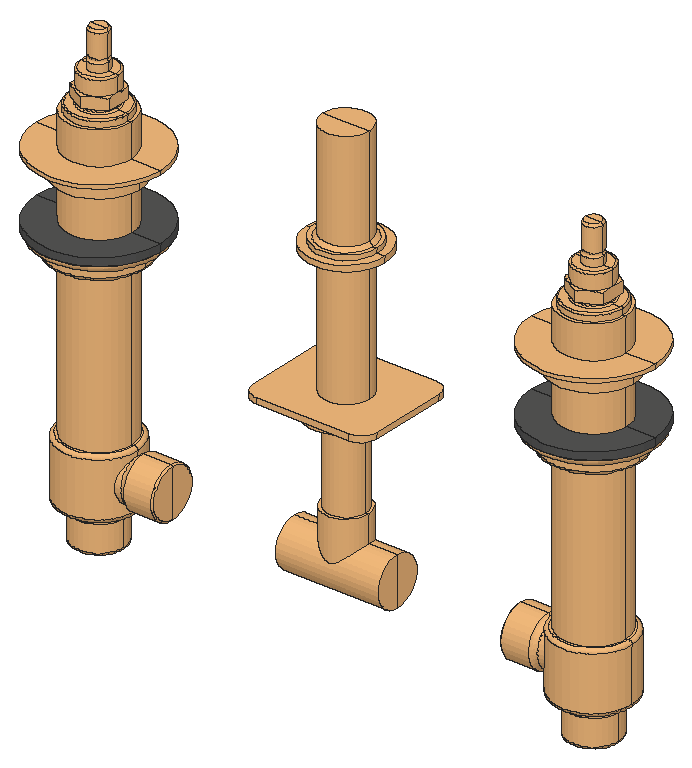
Revit family "Bath-Valves_and_Controls-KOHLER-K-300", category Plumbing Fixtures, host Face, Revit 2015 (continued)
Definition of nested family "K-300"
  Automatic sketch dimensions
    plane 7 to Revolve 12 sketch curve = 0.60085"
    Revolve 12 sketch curve to Revolve 12 sketch curve = 0.14915"
    Revolve 6 sketch curve to plane 3 "Center (Left/Right)" = 0"  (x2)
    plane 3 "Center (Left/Right)" to Revolve 6 sketch curve = 3/8"
    plane 3 "Center (Left/Right)" to Revolve 6 sketch curve = 0.43445"
    plane 8 to Revolve 6 sketch curve = 0"
    Revolve 6 sketch curve to Revolve 6 sketch curve = 0.05945"
    Revolve 6 sketch curve to Revolve 6 sketch curve = 0.17966"
    Revolve 6 sketch curve to Revolve 6 sketch curve = 0.19555"
    plane 9 to Revolve 6 sketch curve = 0.817"
    Revolve 6 sketch curve to Revolve 6 sketch curve = 0.2388"
    level to Revolve 6 sketch curve = 0.96037"
    plane 8 to Revolve 6 sketch curve = 0.22559"
    plane 7 to Revolve 6 sketch curve = 0"
    Revolve 6 sketch curve to plane 7 = 0.68076"
    Revolve 6 sketch curve to plane 7 = 0.18076"
    plane 1 "Center (Front/Back)" to Masking region 1 sketch curve = 0"  (x3)
    Masking region 1 sketch curve to plane 5 = 0"
    Masking region 1 sketch curve to plane 3 "Center (Left/Right)" = 0"
    Masking region 1 sketch curve to plane 4 = 0"
    curve 1 to curve 8 = 0"  (x2)
    curve 1 to curve 9 = 0"  (x2)
    curve 1 to curve 11 = 0"  (x2)
    curve 1 to curve 12 = 0"  (x2)
    curve 8 to curve 9 = 0"  (x2)
    curve 8 to curve 11 = 0"  (x2)
    curve 8 to curve 12 = 0"  (x2)
    curve 9 to curve 11 = 0"  (x2)
    curve 9 to curve 12 = 0"  (x2)
    curve 10 to curve 24 = 0"  (x2)
    curve 10 to curve 25 = 0"  (x2)
    curve 11 to curve 12 = 0"  (x2)
    curve 13 to curve 20 = 0"  (x2)
    curve 13 to curve 21 = 0"  (x2)
    curve 13 to curve 22 = 0"  (x2)
    curve 13 to curve 23 = 0"  (x2)
    curve 20 to curve 21 = 0"  (x2)
    curve 20 to curve 22 = 0"  (x2)
    curve 20 to curve 23 = 0"  (x2)
    curve 21 to curve 22 = 0"  (x2)
    curve 21 to curve 23 = 0"  (x2)
    curve 22 to curve 23 = 0"  (x2)
    curve 24 to curve 25 = 0"  (x2)
    plane 1 "Center (Front/Back)" to curve 22 = 0"
    curve 22 to plane 5 = 0"
    curve 19 to plane 5 = 0"
    curve 16 to plane 5 = 0"
    plane 1 "Center (Front/Back)" to curve 25 = 0"
    curve 25 to plane 3 "Center (Left/Right)" = 0"
    curve 7 to plane 4 = 0"
    plane 1 "Center (Front/Back)" to curve 8 = 0"
    curve 8 to plane 4 = 0"
    curve 5 to plane 4 = 0"
    plane 5 to curve 18 = 0.3225"
    curve 15 to plane 5 = 0.3225"
    curve 2 to plane 4 = 0.3225"
    plane 4 to curve 6 = 0.3225"
    plane 1 "Center (Front/Back)" to curve 16 = 0.1862"
    plane 1 "Center (Front/Back)" to curve 17 = 0.1862"
    plane 1 "Center (Front/Back)" to curve 6 = 0.1862"
    plane 1 "Center (Front/Back)" to curve 3 = 0.1862"
    plane 1 "Center (Front/Back)" to curve 5 = 0.37239"
    plane 1 "Center (Front/Back)" to curve 17 = 0.37239"
    curve 14 to plane 1 "Center (Front/Back)" = 0.1862"
    curve 2 to plane 1 "Center (Front/Back)" = 0.1862"
    curve 18 to plane 1 "Center (Front/Back)" = 0.1862"
    curve 7 to plane 1 "Center (Front/Back)" = 0.1862"
    curve 14 to curve 14 = 0.1862"
    curve 2 to curve 2 = 0.1862"
    Masking region 2 sketch curve to plane 8 = 0"  (x6)
    Masking region 2 sketch curve to level = 0.0595"  (x2)
    Masking region 2 sketch curve to plane 7 = 0"  (x2)
    plane 5 to Masking region 2 sketch curve = 0"
    Masking region 2 sketch curve to plane 4 = 0"
    plane 5 to Masking region 2 sketch curve = 1/8"
    plane 5 to Masking region 2 sketch curve = 0.14948"
    Masking region 2 sketch curve to Masking region 2 sketch curve = 0.00926"  (x2)
    Masking region 2 sketch curve to Masking region 2 sketch curve = 0.02493"  (x2)
    plane 5 to Masking region 2 sketch curve = 0.26162"
    Masking region 2 sketch curve to Masking region 2 sketch curve = 0.12292"  (x4)
    Masking region 2 sketch curve to Masking region 2 sketch curve = 0.03332"  (x3)
    Masking region 2 sketch curve to Masking region 2 sketch curve = 0.01217"
    Masking region 2 sketch curve to Masking region 2 sketch curve = 0.02154"  (x4)
    Masking region 2 sketch curve to level = 0.03805"  (x3)
    plane 5 to Masking region 2 sketch curve = 0.38309"
    Masking region 2 sketch curve to Masking region 2 sketch curve = 0.10585"  (x2)
    Masking region 2 sketch curve to Masking region 2 sketch curve = 0.03523"  (x4)
    Masking region 2 sketch curve to Masking region 2 sketch curve = 0.02016"  (x4)
    plane 8 to Masking region 2 sketch curve = 0.06"  (x4)
    Masking region 2 sketch curve to Masking region 2 sketch curve = 0.26584"  (x3)
    Masking region 2 sketch curve to Masking region 2 sketch curve = 0"  (x5)
    plane 5 to Masking region 2 sketch curve = 0.52814"
    Masking region 2 sketch curve to Masking region 2 sketch curve = 0.16035"
    Masking region 2 sketch curve to Masking region 2 sketch curve = 0.03795"  (x3)
    Masking region 2 sketch curve to Masking region 2 sketch curve = 0.00397"
    Masking region 2 sketch curve to Masking region 2 sketch curve = 0.0589"  (x3)
    Masking region 2 sketch curve to plane 8 = 0.03915"  (x3)
    Masking region 2 sketch curve to Masking region 2 sketch curve = 0.12888"  (x4)
    Masking region 2 sketch curve to Masking region 2 sketch curve = 0.20024"  (x4)
    Masking region 2 sketch curve to Masking region 2 sketch curve = 0.02615"  (x4)
    Masking region 2 sketch curve to Masking region 2 sketch curve = 0.02519"  (x4)
    Masking region 2 sketch curve to Masking region 2 sketch curve = 0.10139"  (x4)
    Masking region 2 sketch curve to Masking region 2 sketch curve = 0.04286"  (x4)
    Masking region 2 sketch curve to Masking region 2 sketch curve = 0.01399"  (x4)
    Masking region 2 sketch curve to Masking region 2 sketch curve = 0.03204"  (x4)
    Masking region 2 sketch curve to Masking region 2 sketch curve = 0.30452"  (x4)
    Masking region 2 sketch curve to Masking region 2 sketch curve = 0.03007"  (x2)
    Masking region 2 sketch curve to Masking region 2 sketch curve = 1/8"  (x2)
    Masking region 2 sketch curve to plane 7 = 0.0424"  (x4)
    Masking region 2 sketch curve to Masking region 2 sketch curve = 0.02448"  (x2)
    Masking region 2 sketch curve to plane 5 = 0.26162"
    Masking region 2 sketch curve to Masking region 2 sketch curve = 0.02545"  (x3)
    Masking region 2 sketch curve to plane 5 = 0.38309"
    Masking region 2 sketch curve to Masking region 2 sketch curve = 0.09648"  (x3)
    Masking region 2 sketch curve to plane 5 = 0.52745"
    Masking region 2 sketch curve to Masking region 2 sketch curve = 41/256"  (x3)
    Masking region 2 sketch curve to Masking region 2 sketch curve = 0.00417"  (x3)
    Masking region 2 sketch curve to Masking region 2 sketch curve = 0.05613"  (x3)
    Masking region 2 sketch curve to Masking region 2 sketch curve = 0.00603"  (x4)
    Masking region 2 sketch curve to Masking region 2 sketch curve = 0.03915"
    Masking region 2 sketch curve to Masking region 2 sketch curve = 0.0961"  (x3)
    Masking region 2 sketch curve to Masking region 2 sketch curve = 0.10214"
    Masking region 2 sketch curve to Masking region 2 sketch curve = 0.0761"  (x2)
    Masking region 2 sketch curve to Masking region 2 sketch curve = 0.44117"  (x4)
    level to Masking region 2 sketch curve = 0.62209"  (x2)
    Masking region 2 sketch curve to plane 3 "Center (Left/Right)" = 1"
    plane 8 to Masking region 2 sketch curve = 0.09"
    Masking region 2 sketch curve to plane 3 "Center (Left/Right)" = 0.63"
    Masking region 2 sketch curve to Masking region 2 sketch curve = 0.38649"  (x2)
    Masking region 2 sketch curve to Masking region 2 sketch curve = 0.13"  (x2)
    Masking region 2 sketch curve to Masking region 2 sketch curve = 0.06415"  (x2)
    Masking region 2 sketch curve to plane 3 "Center (Left/Right)" = 3/8"
    Masking region 2 sketch curve to plane 3 "Center (Left/Right)" = 0.36"
    Masking region 2 sketch curve to Masking region 2 sketch curve = 0.0475"  (x2)
    plane 3 "Center (Left/Right)" to Masking region 2 sketch curve = 5/16"
    plane 3 "Center (Left/Right)" to Masking region 2 sketch curve = 3/8"  (x2)
    plane 8 to Masking region 2 sketch curve = 0.165"
    Masking region 2 sketch curve to Masking region 2 sketch curve = 0.06085"  (x3)
    Masking region 2 sketch curve to Masking region 2 sketch curve = 0.23851"
    Masking region 2 sketch curve to Masking region 2 sketch curve = 0.0247"  (x8)
    Masking region 2 sketch curve to plane 4 = 1.00007"
    Masking region 2 sketch curve to Masking region 2 sketch curve = 0.00007"
    Masking region 2 sketch curve to plane 4 = 0.52745"
    Masking region 2 sketch curve to Masking region 2 sketch curve = 0.0591"
    Masking region 2 sketch curve to Masking region 2 sketch curve = 0.02145"
    Masking region 2 sketch curve to Masking region 2 sketch curve = 0.05487"
    Masking region 2 sketch curve to plane 4 = 0.18367"
    Masking region 2 sketch curve to plane 4 = 0.14948"
    plane 4 to Masking region 2 sketch curve = 1/8"
    plane 4 to Masking region 2 sketch curve = 0.14948"
    plane 4 to Masking region 2 sketch curve = 0.15874"
    Masking region 2 sketch curve to Masking region 2 sketch curve = 0.03419"
    plane 4 to Masking region 2 sketch curve = 0.26162"
    plane 4 to Masking region 2 sketch curve = 0.38309"
    plane 4 to Masking region 2 sketch curve = 0.52814"
    level to Masking region 2 sketch curve = 0.35968"
    Masking region 2 sketch curve to Masking region 2 sketch curve = 0.26221"
    Masking region 2 sketch curve to Masking region 2 sketch curve = 0.39793"  (x2)
    Masking region 2 sketch curve to Masking region 2 sketch curve = 0.05548"  (x2)
    Masking region 2 sketch curve to Masking region 2 sketch curve = 0.21625"
    Masking region 2 sketch curve to Masking region 2 sketch curve = 0.00952"  (x2)
    Masking region 2 sketch curve to Masking region 2 sketch curve = 0.21645"
    level to Masking region 2 sketch curve = 0.64084"
    Masking region 2 sketch curve to Masking region 2 sketch curve = 0.72998"
    Masking region 2 sketch curve to Masking region 2 sketch curve = 0.05532"  (x2)
    Masking region 2 sketch curve to Masking region 2 sketch curve = 0.86193"  (x2)
    Masking region 2 sketch curve to Masking region 2 sketch curve = 0.04951"  (x2)
    Masking region 2 sketch curve to Masking region 2 sketch curve = 0.42366"  (x2)
    plane 9 to Masking region 2 sketch curve = 0.5782"  (x2)
    Masking region 2 sketch curve to Masking region 2 sketch curve = 0.2388"  (x2)
    Masking region 2 sketch curve to Masking region 2 sketch curve = 0.09"  (x2)
    Masking region 2 sketch curve to Masking region 2 sketch curve = 0.31"  (x2)
    Masking region 2 sketch curve to Masking region 2 sketch curve = 0.16886"  (x4)
    Masking region 2 sketch curve to Masking region 2 sketch curve = 0.08889"  (x2)
    Masking region 2 sketch curve to Masking region 2 sketch curve = 0.03"  (x4)
    Masking region 2 sketch curve to Masking region 2 sketch curve = 0.30085"  (x4)
    Masking region 2 sketch curve to Masking region 2 sketch curve = 0.075"  (x2)
    plane 8 to Masking region 2 sketch curve = 0.5081"  (x4)
    Masking region 2 sketch curve to Masking region 2 sketch curve = 0.0824"  (x4)
    Masking region 2 sketch curve to Masking region 2 sketch curve = 23/256"  (x4)
    Masking region 2 sketch curve to Masking region 2 sketch curve = 0.04166"  (x4)
    Masking region 2 sketch curve to Masking region 2 sketch curve = 0.07979"  (x4)
    Masking region 2 sketch curve to Masking region 2 sketch curve = 0.15074"  (x4)
    Masking region 2 sketch curve to Masking region 2 sketch curve = 0.22907"  (x4)
    Masking region 2 sketch curve to Masking region 2 sketch curve = 0.1195"  (x4)
    Masking region 2 sketch curve to Masking region 2 sketch curve = 0.03801"  (x4)
    plane 7 to Masking region 2 sketch curve = 0"
    plane 8 to Revolve 4 sketch curve = 1.1197"
    Revolve 4 sketch curve to Revolve 4 sketch curve = 0"
    Revolve 5 sketch curve to Revolve 5 sketch curve = 1.12"
    Revolve 5 sketch curve to Revolve 5 sketch curve = 0.03"
    Masking region 2 sketch curve to Masking region 2 sketch curve = 1.12"  (x4)
    Masking region 2 sketch curve to Masking region 2 sketch curve = 0.12"
    Masking region 2 sketch curve to Masking region 2 sketch curve = 0.2398"  (x3)
    Revolve 9 sketch curve to plane 8 = 1.1197"
    Revolve 9 sketch curve to Revolve 9 sketch curve = 0.1197"
    Revolve 9 sketch curve to Revolve 9 sketch curve = 0.05985"
    Revolve 9 sketch curve to Revolve 9 sketch curve = 0"
    Revolve 10 sketch curve to Revolve 10 sketch curve = 1.12"
    Revolve 10 sketch curve to Revolve 10 sketch curve = 0.03"
    Revolve 12 sketch curve to Revolve 12 sketch curve = 1.46003"
    Revolve 12 sketch curve to Revolve 12 sketch curve = 0.46003"
    curve 34 to plane 8 = 0"
    curve 65 to plane 8 = 0"
    curve 126 to plane 3 "Center (Left/Right)" = 0"
    curve 121 to plane 3 "Center (Left/Right)" = 0"
    curve 55 to plane 8 = 0"
    curve 56 to plane 10 = 0"
    curve 120 to plane 11 = 0.14011"
    curve 122 to plane 11 = 0.45"
    curve 124 to plane 12 = 0.45"
    plane 9 to curve 124 = 0.43876"
    plane 9 to curve 123 = 0.43876"
    curve 123 to plane 9 = 0.56124"
    curve 125 to plane 9 = 0.56124"
    curve 120 to curve 123 = 0.65248"
    curve 68 to plane 3 "Center (Left/Right)" = 5/16"
    curve 69 to plane 3 "Center (Left/Right)" = 5/16"
    plane 11 to curve 70 = 0.27"
    plane 11 to curve 62 = 0.255"
    plane 11 to curve 66 = 0.255"
    curve 62 to curve 65 = 0"  (x2)
    curve 63 to curve 62 = 0.06085"  (x2)
    curve 64 to curve 63 = 0.06415"
    plane 11 to curve 67 = 0.01649"
    curve 39 to plane 10 = 0.15"
    curve 39 to plane 5 = 0.93796"
    curve 38 to curve 39 = 0.01399"
    curve 40 to curve 39 = 0.15824"
    curve 71 to curve 74 = 0.44117"
    curve 34 to plane 5 = 0.69548"
    curve 43 to curve 71 = 0.10214"
    curve 42 to curve 43 = 0.05721"
    curve 41 to curve 43 = 0.09686"
    curve 37 to curve 40 = 0.25158"
    curve 36 to curve 34 = 0.16803"
    plane 10 to curve 35 = 0.00003"
    curve 35 to curve 40 = 0.25227"
    plane 8 to curve 33 = 0.06"
    curve 33 to curve 34 = 0.16803"
    curve 32 to plane 5 = 0.46835"
    curve 30 to plane 5 = 0.30711"
    curve 31 to curve 30 = 0.01217"
    curve 29 to plane 5 = 0.15874"
    curve 28 to curve 29 = 0"  (x2)
    curve 27 to curve 28 = 0.00926"
    curve 26 to plane 7 = 0.0424"
    curve 26 to plane 5 = 0.14948"
    plane 5 to curve 27 = 0.14948"
    plane 5 to curve 26 = 0.14948"
    curve 28 to curve 27 = 0.00926"
    plane 5 to curve 31 = 0.29494"
    curve 30 to curve 31 = 0.01217"
    curve 32 to curve 31 = 0.17341"
    plane 5 to curve 33 = 0.52745"
    curve 33 to curve 36 = 0"
    plane 5 to curve 35 = 0.52745"
    plane 5 to curve 41 = 0.52814"
    curve 37 to curve 35 = 0.00069"
    plane 5 to curve 42 = 0.56784"
    curve 34 to curve 33 = 0.16803"
    curve 40 to curve 37 = 0.25158"
    curve 38 to curve 40 = 0.14425"
    curve 39 to curve 38 = 0.01399"
    plane 3 "Center (Left/Right)" to curve 68 = 5/16"
    plane 3 "Center (Left/Right)" to curve 69 = 5/16"
    plane 12 to curve 70 = 0.27"
    plane 12 to curve 66 = 0.255"
    plane 12 to curve 65 = 0.255"
    curve 62 to curve 63 = 0.06085"
    curve 63 to curve 64 = 0.06415"
    plane 12 to curve 67 = 0.01649"
    curve 60 to plane 10 = 0.15003"
    curve 60 to plane 4 = 0.93796"
    curve 60 to curve 59 = 0.01399"
    curve 60 to curve 61 = 0.15824"
    curve 73 to curve 72 = 0.44117"
    curve 55 to plane 4 = 0.69548"
    curve 72 to curve 45 = 0.10214"
    curve 45 to curve 44 = 0.05721"
    curve 45 to curve 46 = 0.09686"
    curve 61 to curve 58 = 0.25158"
    curve 55 to curve 57 = 0.16803"
    curve 61 to curve 56 = 0.25227"
    plane 8 to curve 54 = 0.06"
    curve 55 to curve 54 = 0.16803"
    curve 53 to plane 4 = 0.46835"
    curve 51 to plane 4 = 0.30711"
    curve 51 to curve 52 = 0.01217"
    curve 50 to plane 4 = 0.15874"
    curve 49 to curve 50 = 0"
    curve 47 to plane 7 = 0.0424"
    curve 47 to plane 4 = 0.14948"
    curve 49 to curve 48 = 0.00926"
    plane 4 to curve 48 = 0.14948"
    plane 4 to curve 47 = 0.14948"
    plane 4 to curve 50 = 0.15874"
    curve 48 to curve 49 = 0.00926"
    plane 4 to curve 52 = 0.29494"
    curve 52 to curve 51 = 0.01217"
    curve 52 to curve 53 = 0.17341"
    plane 4 to curve 57 = 0.52745"
    curve 54 to curve 57 = 0"
    plane 4 to curve 56 = 0.52745"
    curve 56 to curve 58 = 0.00069"
    plane 4 to curve 46 = 0.52814"
    plane 4 to curve 44 = 0.56778"
    curve 54 to curve 55 = 0.16803"
    curve 58 to curve 61 = 0.25158"
    curve 61 to curve 59 = 0.14425"
    curve 59 to curve 60 = 0.01399"
    curve 39 to curve 38 = 0.03"
    curve 60 to curve 59 = 0.03"
    curve 40 to curve 39 = 0.08978"
    curve 61 to curve 60 = 0.08978"
    curve 37 to curve 40 = 0.2202"
    curve 58 to curve 61 = 0.2202"
    curve 123 to curve 66 = 0.46824"
    curve 67 to curve 66 = 0.09"
    curve 68 to curve 66 = 0.3288"
    curve 121 to curve 69 = 0.44072"
    curve 46 to plane 9 = 1.11303"
    curve 41 to plane 9 = 1.11303"
    curve 71 to curve 41 = 0.06488"
    curve 74 to curve 71 = 0"  (x2)
    curve 72 to curve 46 = 0.06488"
    curve 73 to curve 72 = 0"  (x2)
    curve 126 to curve 70 = 0.01706"
    curve 43 to curve 71 = 0.05532"
    curve 45 to curve 72 = 0.05532"
    curve 71 to curve 43 = 0.05532"
    curve 72 to curve 45 = 0.05532"
    curve 42 to curve 43 = 0.1574"
    curve 44 to curve 45 = 0.1574"
    level to curve 42 = 0.52001"  (x2)
    curve 36 to plane 8 = 0.34"
    curve 57 to plane 8 = 0.34"
    plane 8 to curve 64 = 0.09"
    curve 64 to curve 63 = 0.075"
    curve 33 to curve 32 = 0.5305"
    curve 54 to curve 53 = 0.5305"
    curve 53 to curve 52 = 0.17321"
    curve 32 to curve 31 = 0.17321"
    curve 52 to curve 51 = 0.19128"
    curve 31 to curve 30 = 0.19128"
    curve 30 to curve 29 = 0.25451"
    curve 51 to curve 50 = 0.25451"
    curve 50 to curve 49 = 0.1195"
    curve 29 to curve 28 = 0.1195"
    curve 49 to curve 48 = 0.06797"
    curve 28 to curve 27 = 0.06797"
    Revolve 11 sketch curve to plane 4 = 0"  (x2)
    Revolve 11 sketch curve to plane 7 = 0"  (x2)
    Revolve 11 sketch curve to plane 10 = 0"
    Revolve 11 sketch curve to level = 0.0595"
    Revolve 11 sketch curve to Revolve 11 sketch curve = 0.14948"
    Revolve 11 sketch curve to Revolve 11 sketch curve = 0.17302"
    Revolve 11 sketch curve to Revolve 11 sketch curve = 0.20495"
    Revolve 11 sketch curve to plane 8 = 0"
    Revolve 11 sketch curve to Revolve 11 sketch curve = 0.00069"
    Revolve 11 sketch curve to Revolve 11 sketch curve = 0"
    Revolve 11 sketch curve to Revolve 11 sketch curve = 0.62491"
    plane 8 to Revolve 11 sketch curve = 0.06"
    Revolve 11 sketch curve to Revolve 11 sketch curve = 0.47255"
    Revolve 11 sketch curve to Revolve 11 sketch curve = 0.47193"
    Revolve 11 sketch curve to plane 9 = 1.11303"
    Revolve 11 sketch curve to plane 10 = 0.46003"
    Revolve 11 sketch curve to Revolve 11 sketch curve = 0.5305"
    Revolve 11 sketch curve to plane 7 = 0.60085"
    Revolve 11 sketch curve to Revolve 11 sketch curve = 0.14915"
    plane 1 "Center (Front/Back)" to Extrusion 2 sketch curve = 5/8"
    Masking region 3 sketch curve to plane 10 = 0"  (x2)
    Masking region 3 sketch curve to plane 14 = 0"
    Masking region 3 sketch curve to plane 8 = 0"  (x2)
    Masking region 3 sketch curve to plane 13 = 0"
    plane 14 to Masking region 3 sketch curve = 0.00007"
    Masking region 3 sketch curve to plane 14 = 0.03"
    Masking region 3 sketch curve to Masking region 3 sketch curve = 0.03204"
    Masking region 3 sketch curve to Masking region 3 sketch curve = 0.01399"  (x2)
    Masking region 3 sketch curve to Masking region 3 sketch curve = 0.04286"  (x2)
    Masking region 3 sketch curve to Masking region 3 sketch curve = 0.10139"  (x2)
    Masking region 3 sketch curve to Masking region 3 sketch curve = 0.02519"  (x2)
    Masking region 3 sketch curve to Masking region 3 sketch curve = 0.02615"  (x2)
    Masking region 3 sketch curve to plane 14 = 0.30452"
    Masking region 3 sketch curve to Masking region 3 sketch curve = 0.03915"  (x2)
    Masking region 3 sketch curve to plane 14 = 3/8"
    Masking region 3 sketch curve to plane 14 = 0.38649"
    Masking region 3 sketch curve to Masking region 3 sketch curve = 0.05613"
    Masking region 3 sketch curve to Masking region 3 sketch curve = 0.0589"  (x2)
    Masking region 3 sketch curve to Masking region 3 sketch curve = 0.00417"  (x2)
    Masking region 3 sketch curve to Masking region 3 sketch curve = 0.03795"  (x2)
    Masking region 3 sketch curve to Masking region 3 sketch curve = 0.08537"  (x2)
    Masking region 3 sketch curve to Masking region 3 sketch curve = 0.12888"  (x2)
    Masking region 3 sketch curve to plane 14 = 0.47255"
    Masking region 3 sketch curve to Masking region 3 sketch curve = 0.0591"  (x2)
    Masking region 3 sketch curve to Masking region 3 sketch curve = 0.02016"  (x2)
    Masking region 3 sketch curve to Masking region 3 sketch curve = 0.03523"  (x2)
    Masking region 3 sketch curve to Masking region 3 sketch curve = 41/256"  (x2)
    Masking region 3 sketch curve to Masking region 3 sketch curve = 0.02145"
    plane 1 "Center (Front/Back)" to Masking region 3 sketch curve = 3/8"
    Masking region 3 sketch curve to Masking region 3 sketch curve = 0.09648"  (x2)
    Masking region 3 sketch curve to Masking region 3 sketch curve = 0.02154"  (x2)
    Masking region 3 sketch curve to Masking region 3 sketch curve = 0.05487"
    Masking region 3 sketch curve to plane 1 "Center (Front/Back)" = 0.26162"
    Masking region 3 sketch curve to Masking region 3 sketch curve = 0.03332"
    Masking region 3 sketch curve to Masking region 3 sketch curve = 0.08006"
    plane 13 to Masking region 3 sketch curve = 0.02145"
    Masking region 3 sketch curve to plane 1 "Center (Front/Back)" = 0.38309"
    Masking region 3 sketch curve to plane 6 = 0.47255"
    Masking region 3 sketch curve to plane 6 = 0.47186"
    Masking region 3 sketch curve to Masking region 3 sketch curve = 0"
    Masking region 3 sketch curve to Masking region 3 sketch curve = 0.20024"
    Masking region 3 sketch curve to Masking region 3 sketch curve = 0.30452"
    Masking region 3 sketch curve to plane 6 = 1/8"
    Masking region 3 sketch curve to plane 6 = 0.03"
    plane 6 to Masking region 3 sketch curve = 0.00007"
    level to Masking region 3 sketch curve = 0.35988"  (x2)
    Masking region 3 sketch curve to Masking region 3 sketch curve = 0.21625"  (x2)
    Masking region 3 sketch curve to Masking region 3 sketch curve = 0.86193"  (x2)
    plane 9 to Masking region 3 sketch curve = 0.5782"  (x2)
    Masking region 3 sketch curve to Masking region 3 sketch curve = 0.2388"  (x2)
    Masking region 3 sketch curve to Masking region 3 sketch curve = 0.09"  (x2)
    Masking region 3 sketch curve to plane 10 = 0.46"  (x2)
    Masking region 3 sketch curve to Masking region 3 sketch curve = 0.16886"  (x2)
    Masking region 3 sketch curve to Masking region 3 sketch curve = 0.08889"  (x2)
    Masking region 3 sketch curve to Masking region 3 sketch curve = 0.03"  (x2)
    Masking region 3 sketch curve to Masking region 3 sketch curve = 0.30085"  (x2)
    Masking region 3 sketch curve to Masking region 3 sketch curve = 0.06"  (x2)
    plane 8 to Masking region 3 sketch curve = 0.5081"  (x2)
    Masking region 3 sketch curve to Masking region 3 sketch curve = 0.0824"  (x2)
    Masking region 3 sketch curve to Masking region 3 sketch curve = 23/256"  (x2)
    Masking region 3 sketch curve to Masking region 3 sketch curve = 0.04166"  (x2)
    Masking region 3 sketch curve to Masking region 3 sketch curve = 0.07979"  (x2)
    Masking region 3 sketch curve to Masking region 3 sketch curve = 0.15074"  (x2)
    plane 7 to Masking region 3 sketch curve = 0"
    Masking region 3 sketch curve to plane 14 = 1/8"
    curve 108 to plane 8 = 0"
    curve 77 to plane 7 = 0"
    curve 98 to plane 1 "Center (Front/Back)" = 0"
    curve 95 to plane 1 "Center (Front/Back)" = 0"
    plane 1 "Center (Front/Back)" to curve 99 = 0.00561"
    plane 1 "Center (Front/Back)" to curve 95 = 0.0139"
    curve 79 to curve 83 = 0.00926"
    curve 83 to curve 83 = 0.03447"
    plane 1 "Center (Front/Back)" to curve 102 = 0.1862"
    curve 88 to curve 79 = 0.12253"
    curve 81 to curve 95 = 0.12091"
    curve 81 to curve 80 = 0.07093"
    curve 98 to plane 1 "Center (Front/Back)" = 0.00561"
    curve 94 to plane 1 "Center (Front/Back)" = 0.0139"
    curve 76 to plane 1 "Center (Front/Back)" = 1/8"
    curve 76 to curve 84 = 0.02448"
    curve 92 to curve 87 = 0.00926"
    curve 92 to curve 92 = 0.02521"
    curve 101 to plane 1 "Center (Front/Back)" = 0.1862"
    curve 87 to curve 88 = 0.12253"
    curve 91 to curve 89 = 0.02584"
    curve 89 to curve 90 = 0.07093"
    plane 10 to curve 94 = 0.43234"
    curve 95 to curve 94 = 0"
    plane 8 to curve 102 = 0.77459"
    curve 102 to curve 101 = 0"
    curve 101 to curve 90 = 0.16761"
    curve 97 to curve 81 = 0.16761"
    curve 101 to curve 101 = 0.16883"
    curve 93 to curve 89 = 0.01278"
    curve 89 to curve 91 = 0.22867"
    curve 87 to curve 86 = 0.1195"
    curve 83 to curve 83 = 0.03805"
    curve 76 to plane 7 = 0.0424"
    plane 7 to curve 99 = 1.57981"
    plane 10 to curve 96 = 0.16638"
    plane 1 "Center (Front/Back)" to curve 96 = 0.27929"
    curve 97 to curve 97 = 0.0931"
    curve 104 to curve 97 = 0.01565"
    curve 106 to curve 104 = 0.02154"
    curve 97 to curve 104 = 0.07745"
    curve 105 to curve 106 = 0.15187"
    curve 109 to plane 14 = 0.47255"
    plane 8 to curve 107 = 0.06"
    curve 107 to curve 109 = 0"
    plane 10 to curve 110 = 0.00003"
    curve 110 to curve 96 = 0.24816"
    curve 117 to plane 14 = 0.47186"
    curve 113 to curve 110 = 0.00069"
    curve 111 to plane 14 = 0.47186"
    curve 112 to curve 111 = 0"
    curve 118 to plane 14 = 0.43839"
    curve 119 to curve 111 = 0.08537"
    curve 108 to curve 107 = 0.16803"
    curve 116 to plane 14 = 0.22028"
    curve 114 to plane 14 = 0.07603"
    curve 115 to curve 114 = 0.01399"
    curve 93 to curve 89 = 0.02782"
    curve 100 to plane 1 "Center (Front/Back)" = 0.27929"
    curve 100 to curve 104 = 0.01565"
    curve 104 to curve 106 = 0.02154"
    curve 104 to curve 100 = 0.07745"
    curve 106 to curve 105 = 0.15187"
    curve 107 to plane 6 = 0.47255"
    curve 93 to curve 110 = 0.24816"
    curve 109 to curve 107 = 0"
    curve 117 to plane 6 = 0.47186"
    curve 110 to curve 113 = 0.00069"
    curve 112 to plane 6 = 0.47186"
    curve 111 to curve 112 = 0"
    curve 118 to plane 6 = 0.43222"
    curve 111 to curve 119 = 0.08537"
    curve 107 to curve 108 = 0.16803"
    curve 116 to plane 6 = 0.22028"
    curve 114 to plane 6 = 0.07603"
    curve 114 to curve 115 = 0.01399"
    curve 109 to plane 8 = 0.34"
    plane 10 to curve 93 = 0.16638"
    curve 114 to plane 10 = 0.11997"
    curve 115 to curve 114 = 0.03"
    curve 115 to curve 114 = 0.03003"
    curve 116 to curve 115 = 0.08978"
    curve 113 to curve 116 = 0.22022"
    curve 111 to curve 113 = 0.601"
    curve 119 to curve 111 = 0.09"
    curve 112 to curve 119 = 0.2388"
    curve 117 to plane 9 = 1.11303"
    level to curve 118 = 0.52001"
    curve 105 to curve 97 = 0.18409"
    curve 106 to curve 100 = 0.07409"
    curve 106 to curve 104 = 0.06321"
    curve 104 to curve 97 = 0.00387"
    curve 104 to curve 100 = 0.00387"
    curve 100 to curve 98 = 0.14902"
    curve 97 to curve 99 = 0.14902"
    curve 76 to plane 7 = 0"
    curve 80 to curve 82 = 0.02584"
    curve 77 to curve 77 = 0.02448"
    Revolve 7 sketch curve to plane 5 = 0.3225"
    Revolve 7 sketch curve to plane 4 = 0.3225"
    Revolve 7 sketch curve to Revolve 7 sketch curve = 13/32"  (x3)
    Revolve 7 sketch curve to Revolve 7 sketch curve = 0"  (x2)
    Revolve 7 sketch curve to Revolve 7 sketch curve = 0.72572"
    Revolve 7 sketch curve to Revolve 7 sketch curve = 0.14478"
    Revolve 7 sketch curve to plane 11 = 0.2"
    Revolve 7 sketch curve to plane 12 = 0.2"
    Revolve 7 sketch curve to Revolve 7 sketch curve = 0.8705"
    level to Revolve 7 sketch curve = 1.02697"  (x3)
    plane 3 "Center (Left/Right)" to Revolve 7 sketch curve = 0.0725"
    Revolve 7 sketch curve to plane 3 "Center (Left/Right)" = 0.02017"
    Revolve 1 sketch curve to Revolve 1 sketch curve = 0.05549"
    Revolve 1 sketch curve to Revolve 1 sketch curve = 1.00297"
    Revolve 1 sketch curve to Revolve 1 sketch curve = 0.38625"
    level to Revolve 13 sketch curve = 1.02709"
    Revolve 13 sketch curve to Revolve 13 sketch curve = 1.00297"
    Revolve 13 sketch curve to Revolve 13 sketch curve = 0"
    Revolve 13 sketch curve to Revolve 13 sketch curve = 0.75297"
    Revolve 13 sketch curve to plane 5 = 1.193"
    Revolve 13 sketch curve to plane 4 = 1.193"
    Revolve 13 sketch curve to Revolve 13 sketch curve = 0.31241"
    Masking region 2 sketch curve to Masking region 2 sketch curve = 0.69935"
    Masking region 2 sketch curve to plane 11 = 0.2"
    Masking region 2 sketch curve to plane 12 = 0.2"
    Masking region 2 sketch curve to Masking region 2 sketch curve = 0.7725"
    Masking region 2 sketch curve to Masking region 2 sketch curve = 0.66486"
    curve 73 to plane 4 = 1.1683"
    level to curve 44 = 0.52001"
    curve 41 to plane 5 = 0.52814"
    Masking region 4 sketch curve to plane 5 = 1.193"
    Masking region 4 sketch curve to plane 11 = 0.2"
    Masking region 4 sketch curve to plane 12 = 0.2"
    level to Masking region 4 sketch curve = 0.71468"  (x2)
    Masking region 4 sketch curve to Masking region 4 sketch curve = 0.62483"  (x2)
    Masking region 4 sketch curve to plane 4 = 1.193"
    radius of Extrusion 3 sketch curve = 0.46962"  (x2)
    radius of Masking region 1 sketch curve = 1"  (x2)
    radius of Masking region 1 sketch curve = 0.63"
    radius of curve 1 = 49/128"
    radius of curve 8 = 0.14991"
    radius of curve 9 = 1/8"
    radius of curve 10 = 5/16"
    radius of curve 11 = 0.52745"
    radius of curve 12 = 0.57861"
    radius of curve 13 = 49/128"
    radius of curve 20 = 0.14991"
    radius of curve 21 = 1/8"
    radius of curve 22 = 0.52745"
    radius of curve 23 = 0.57861"
    radius of curve 24 = 3/8"
    radius of curve 25 = 0.43445"
Types (3): name | Type | Rigid Connections | Product Page URL | Product Documentation Link | Model | Flow Rate | Description
  (no name) | 1 | no | "http://www.us.kohler.com/us/catalog/productDetails.jsp?productNumber=300-K" | "https://www.us.kohler.com/webassets/kpna/catalog/pdf/en/K-300-K_spec.pdf" | "K-300-K-NA" | 17 GPM | "½ Inch ceramic high-flow valve system"
  OD Supplied By Installer | 1 | no | "http://www.us.kohler.com/us/catalog/productDetails.jsp?productNumber=300-K" | "https://www.us.kohler.com/webassets/kpna/catalog/pdf/en/K-300-K_spec.pdf" | "K-300-K-NA" | 17 GPM | "½ Inch ceramic high-flow valve system"
  OD With Rigid Connections | 2 | yes | "http://www.us.kohler.com/us/catalog/productDetails.jsp?productNumber=300-KR" | "https://www.us.kohler.com/webassets/kpna/catalog/pdf/en/K-300-KR_spec.pdf" | "K-300-KR-NA" | 0 GPM | "½ Inch ceramic high-flow valve with rigid connections"
